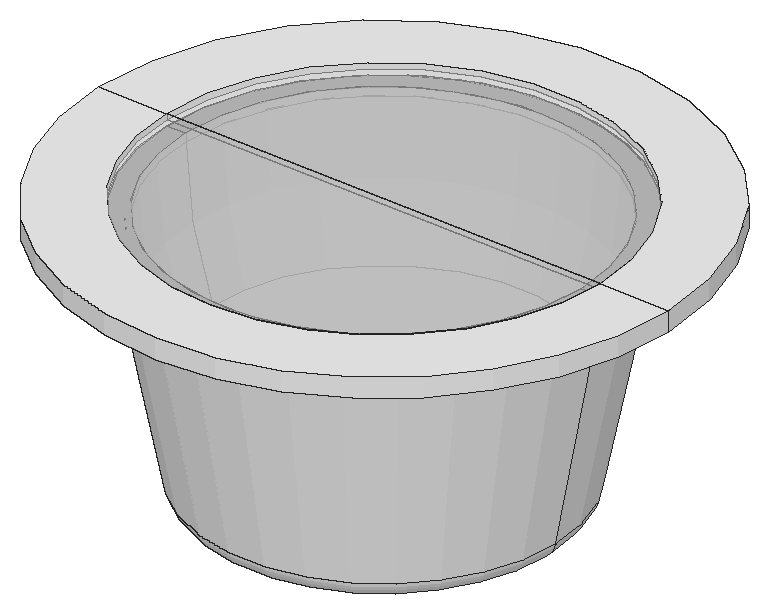
Revit family "2060547+2039013 Sylvania Lighting Fixture ASCENT 100 II ARCH 1000 4K DALI 160 with IP54 PC Cover", category Lighting Fixtures, host Face, Revit 2016
Family settings
  Host = Face
  Part Type = Normal
  Round Connector Dimension = Use Diameter
  OmniClass Number = 23.80.70.11.17
  OmniClass Title = Specialized Lighting by Location or Use
  Cut with Voids When Loaded = No
  Light Source = Yes
  Shared = No
  Room Calculation Point = No
Parameters (values of type "2060547+2039013 ASCT100 II ARCH 1000 4K DALI 160 with IP54 PC Cover")
  WidthBezelAcc_SYL = 25.0 mm
  Weight = "1.2 kg"
  Wattage = 7 W
  WarrantyStartDate [instance] = "n/a"
  WarrantyGuarantorParts = "n/a"
  WarrantyDurationUnit = "n/a"
  WarrantyDurationParts = "n/a"
  WarrantyDescription = "n/a"
  built-in parameter 1150110 = 1 (stored number, unit not read)
  Voltage = 0 V
  VisibilityAccessory_SYL = yes
  TypeName = "ASCENT 100 II ARCH 1000 4K DALI 160 with IP54 PC Cover"
  built-in parameter 1114217 = 1 (stored number, unit not read)
  Tilt Angle = -90°
  built-in parameter 1150109 = 1 (stored number, unit not read)
  built-in parameter 1150134 = 12
  built-in parameter 1150113 = 1 (stored number, unit not read)
  SerialNumber [instance] = "n/a"
  ReflectorRadius_SYL = Radius_SYL - 14.5 mm  # 80.0 mm
  RadiusAcc_SYL = 105.0 mm
  Radius_SYL = 94.5 mm
  URL = "http://www.sylvania-lighting.com"
  PowerFactor = 0
  PowerConsumption = "7 W"
  Photometric Web File = "2060547.ies"
  NominalWidth = 0.0 mm
  NominalLength = 0.0 mm
  NominalHeight = 94.0 mm
  Name = "ASCENT 100 II ARCH 1000 4K DALI 160 with IP54 PC Cover"
  ModelReference = "ASCENT 100 II ARCH 1000 4K DALI 160 with IP54 PC Cover"
  ModelNumber = "2060547+2039013"
  Material_4_SYL = none
  Material_3_SYL = Polycarbonate_Sylvania_Ascent_Clear
  Material_2_SYL = Aluminium_Sylvania_Ascent_Silver
  Material_1_SYL = Aluminum_Sylvania_Ascent_White
  Material = "aluminium housing, arcylic diffuser"
  ManufacturerName = "Feilo Sylvania"
  LuminousEfficacy = "144 lm/W"
  built-in parameter 1150105 = 80.214 (stored number, unit not read)
  Lumens = 1008 lm
  LuminaireType = ""
  built-in parameter 1150115 = 1 (stored number, unit not read)
  LightOutputRatio = "100"
  built-in parameter 1150137 = (empty or 0)
  built-in parameter 1150139 = (empty or 0)
  LampsType = Lamp  # "LED"
  LampNominalLuminous = "1009 lm"
  LampMacAdamStep = "3"
  LampColourTemperature = "4000 K"
  LampColourRenderingIndex = "80"
  built-in parameter 1150112 = 1 (stored number, unit not read)
  built-in parameter 1150114 = 1 (stored number, unit not read)
  Keynote = "16500"
  InstallationDate [instance] = "n/a"
  InputVoltage = "n/a"
  InputNominalFrequency = "n/a"
  built-in parameter 1150132 = (empty or 0)
  built-in parameter 1150102 = (empty or 0)
  built-in parameter 1150107 = 4000 (stored number, unit not read)
  built-in parameter 1150138 = (empty or 0)
  IngressProtection = "IP54"
  ImpactProtectionIndex = "IK02"
  built-in parameter 1150106 = 0.80214 (stored number, unit not read)
  IfcExportType = "IfcLightFixtureType"
  IfcExportAs = "IfcLightFixtureType"
  Height_SYL = 94.0 mm
  HeightAcc_SYL = 7.0 mm
  ExpectedLife = 50000
  EmittionSurface_SYL = if(VisibilityAccessory_SYL, 7.0 mm, 3.0 mm)  # 7.0 mm
  Emit from Circle Diameter = DiffuserRadius_SYL * 2  # 146.0 mm
  Emit Shape Visible in Rendering = no
  ElectricShockClassification = "Class II"
  built-in parameter 1150104 = 13.378 (stored number, unit not read)
  DurationUnit = "hours"
  DocumentationLiterature = "http://www.sylvania-lighting.com/product/en-int/products/2060547"
  DimmingControlOptions = "n/a"
  Dimming Lamp Color Temperature Shift = <None>
  DiffuserRadius_SYL = ReflectorRadius_SYL - 7.0 mm  # 73.0 mm
  Diameter_SYL = 2 * Radius_SYL  # 189.0 mm
  CutoutDiameter_SYL = Diameter_SYL - 13.0 mm  # 176.0 mm
  CreatedOn = "9/17/2018"
  CreatedBy = "@sylvania-lighting.com"
  Color Filter = 16777215
  built-in parameter 1114216 [instance] = 1 (stored number, unit not read)
  Model = "ASCENT 100 II ARCH 1000 4K DALI 160 with IP54 PC Cover"
  Manufacturer = "Feilo Sylvania"
  Lamp = "LED"
  Description = "Direct LED retro fit for original LED 100 Arch (160) single CFL lamp offering Matching lumen levels and improved light distribution of original LED 100 CFL lamp equivalents Typically half the power consumption compared to CFL Up to 112lm/W 160mm aperture Architectural reflector accepts range of glass accessories from existing LED 100 Arch 160 offering HE, HO and VHO versions equivalent of single 1 x 18W, 1 x 32W, 1 x 42W\r\n Additional VVHO versions which offer the performance circa 2 x 32W equivalent"  # constant formula
  Default Elevation = 0.0 mm
  built-in parameter 1140040 [instance] = 1
  BarCode [instance] = "n/a"
  built-in parameter 1114218 = 1 (stored number, unit not read)
  built-in parameter 1150133 = 10 (stored number, unit not read)
  AssetType = "Fixed"
  AssetIdentifier [instance] = "n/a"
  Assembly Code = "D5020200"
  Apparent Load = 7 VA
  Aperture_SYL = 2 * ReflectorRadius_SYL  # 160.0 mm
Reference planes
  plane 1 "Center (Front/Back)": y = 0
  plane 2: z = 0
  plane 3 "Center (Left/Right)": x = 0
  plane 4 "Fixture Bottom": z = 3
  plane 5: z = -52.5
  plane 6 "Fixture Top": z = -91
  plane 7: x = -105
  plane 8: z = 7
  plane 9: x = -80
  plane 10: z = 5
  plane 11: x = -103
Forms (mm)
  Extrusion 1, solid, material "Aluminum_Sylvania_Ascent_White", detail levels fine
    sketch origin (0, 0, 0) x (1, 0, 0) y (0, 1, 0)
      loop
        circle (0, 0) r 94.5
      loop
        circle (0, 0) r 80
    from 0 to 3
  Extrusion 2, void
    sketch origin (0, 0, 0) x (1, 0, 0) y (0, 1, 0)
      loop
        circle (0, 0) r 88
    from -91 to 3
  Revolve 3, solid, material "Aluminum_Sylvania_Ascent_White" <- "Material_1_SYL", detail levels fine
    sketch origin (0, 0, 0) x (1, 0, 0) y (0, 0, 1)
      loop
        line (0, -91.073) -> (0, -89.023) -> (-55.468, -89.014)
        arc (-55.468, -89.014) -> (-59.352, -87.613) -> (-61.54, -84.139) r 6.307
        line (-61.54, -84.139) -> (-77.991, -2.844) -> (-77.991, 0) -> (-80, 0) -> (-80, -3) -> (-63.5, -84.536)
        arc (-63.5, -84.536) -> (-60.643, -89.203) -> (-55.5, -91.073) r 8.291
        line (-55.5, -91.073) -> (0, -91.073)
      axis (0, 0) -> (0, -91.073)
    angle from 0 to 360
  Revolve 4, solid, material "Aluminium_Sylvania_Ascent_Silver" <- "Material_2_SYL", detail levels fine
    sketch origin (0, 0, 0) x (1, 0, 0) y (0, 0, 1)
      loop
        line (-80, 3) -> (-80, 0) -> (-75, 0)
        arc (-75, 0) -> (-72.349, -26.77) -> (-64.5, -52.5) r 136.5
        line (-64.5, -52.5) -> (-58, -52.5)
        arc (-58, -52.5) -> (-56.857, -61.521) -> (-53.5, -69.971) r 36.166
        line (-53.5, -69.971) -> (0, -69.971) -> (0, -50.5) -> (-63.16, -50.5)
        arc (-63.16, -50.5) -> (-70.517, -25.725) -> (-73, 0) r 134.5
        line (-73, 0) -> (-73, 3) -> (-80, 3)
      axis (0, 3) -> (0, -69.971)
    angle from 0 to 360
  Extrusion 5, solid, material "Polycarbonate_Sylvania_Ascent_Clear" <- "Material_3_SYL", detail levels fine
    sketch origin (0, 0, 0) x (1, 0, 0) y (0, 1, 0)
      loop
        circle (0, 0) r 73
    from 0 to 3
  Revolve 6, solid, material "Aluminum_Sylvania_Ascent_White" <- "Material_1_SYL", detail levels coarse+medium
    sketch origin (0, 0, 0) x (1, 0, 0) y (0, 0, 1)
      loop
        line (0, -91.073) -> (0, 3) -> (-94.5, 3) -> (-94.5, 0) -> (-79.5, 0) -> (-79.5, -3) -> (-63, -84.536)
        arc (-63, -84.536) -> (-60.143, -89.203) -> (-55, -91.073) r 8.291
        line (-55, -91.073) -> (0, -91.073)
      axis (0, 3) -> (0, -91.073)
    angle from 0 to 360
  Revolve 7, solid, material "Aluminum_Sylvania_Ascent_White" <- "Material_1_SYL", visible <- "VisibilityAccessory_SYL"
    sketch origin (0, 0, 0) x (1, 0, 0) y (0, 0, 1)
      loop
        line (-105, 0) -> (-103, 0) -> (-103, 5) -> (-80, 5) -> (-80, 7) -> (-105, 7) -> (-105, 0)
      axis (0, 7) -> (0, 0)
    angle from 0 to 360
  Revolve 8, solid, material "Polycarbonate_Sylvania_Ascent_Clear" <- "Material_3_SYL", visible <- "VisibilityAccessory_SYL"
    sketch origin (0, 0, 0) x (1, 0, 0) y (0, 0, 1)
      loop
        line (-80, 7) -> (-80, 5) -> (0, 5) -> (0, 7) -> (-80, 7)
      axis (0, 7) -> (0, 5)
    angle from 0 to 360
Lines and regions (mm)
  reference lines
    curve 1: line (-150, 0, 7) -> (125, 0, 7)
Dimensions and locks
  locked: plane 4 "Fixture Bottom" to plane 2 at 3
  "Height_SYL": plane 4 "Fixture Bottom" to plane 6 "Fixture Top"
  "ReflectorRadius_SYL": plane 3 "Center (Left/Right)" to Revolve 4 sketch curve
  locked: Revolve 4 sketch curve to Revolve 4 sketch curve at 15.5
  locked: Revolve 4 sketch curve to Revolve 4 sketch curve at 5
  locked: Revolve 4 sketch curve to Revolve 4 sketch curve at 7
  locked: Revolve 4 sketch curve to Revolve 4 sketch curve at 22
  locked: Revolve 4 sketch curve to Revolve 4 sketch curve at 26.5
  locked: Revolve 3 sketch curve to Revolve 3 sketch curve at 16.5
  locked: Revolve 3 sketch curve to Revolve 3 sketch curve at 24.5
  "ReflectorRadius_SYL": Revolve 3 sketch curve to plane 3 "Center (Left/Right)"
  locked: Revolve 3 sketch curve to plane 6 "Fixture Top" at 6.464
  locked: plane 2 to Revolve 3 sketch curve at 3
  locked: Revolve 3 sketch curve to Revolve 3 sketch curve at 2
  locked: Revolve 3 sketch curve to Revolve 3 sketch curve at 2.009
  locked: plane 2 to plane 5 at 52.5
  locked: Revolve 6 sketch curve to Revolve 6 sketch curve at 31.5
  locked: Revolve 6 sketch curve to Revolve 6 sketch curve at 39.5
  locked: Revolve 6 sketch curve to Revolve 6 sketch curve at 15
  "Radius_SYL": plane 3 "Center (Left/Right)" to Revolve 6 sketch curve
  "RadiusAcc_SYL": plane 3 "Center (Left/Right)" to plane 7
  "HeightAcc_SYL": plane 8 to level
  "WidthBezelAcc_SYL": plane 7 to plane 9
  locked: plane 7 to plane 11 at 2
  locked: plane 8 to plane 10 at 2
  "EmittionSurface_SYL": curve 1 to level
  "CutoutDiameter_SYL": diameter of Extrusion 2 sketch curve
  "ReflectorRadius_SYL": radius of Extrusion 1 sketch curve
  "DiffuserRadius_SYL": radius of Extrusion 5 sketch curve
  "Radius_SYL": radius of Extrusion 1 sketch curve
  aligned and locked: host face to plane 2
  aligned and locked: host face to level
  aligned and locked: plane 4 "Fixture Bottom" to Extrusion 1
  aligned and locked: Extrusion 1 to plane 2
  aligned and locked: Revolve 3 sketch curve to plane 3 "Center (Left/Right)"
  aligned and locked: Revolve 4 sketch curve to plane 3 "Center (Left/Right)"  (x2)
  aligned and locked: plane 4 "Fixture Bottom" to Revolve 4 sketch curve
  aligned and locked: Extrusion 5 to plane 2
  aligned and locked: plane 2 to Revolve 3 sketch curve  (x2)
  aligned and locked: Revolve 6 sketch curve to plane 3 "Center (Left/Right)"
  aligned and locked: plane 6 "Fixture Top" to Extrusion 2
  aligned and locked: Revolve 7 sketch curve to plane 3 "Center (Left/Right)"
  aligned and locked: host face to Revolve 7 sketch curve  (x2)
  aligned and locked: Revolve 7 sketch curve to plane 7
  aligned and locked: plane 8 to Revolve 7 sketch curve
  aligned and locked: plane 9 to Revolve 7 sketch curve
  aligned and locked: Revolve 7 sketch curve to plane 10
  aligned and locked: plane 11 to Revolve 7 sketch curve
  aligned and locked: Revolve 7 to Revolve 8 sketch curve
  aligned and locked: Revolve 8 sketch curve to Revolve 7  (x2)
  aligned and locked: Revolve 8 sketch curve to plane 3 "Center (Left/Right)"  (x2)
  aligned and locked: plane 3 "Center (Left/Right)" to imposter light
  aligned and locked: imposter light to plane 1 "Center (Front/Back)"
  aligned and locked: imposter light to curve 1
Automatic sketch dimensions
  plane 1 "Center (Front/Back)" to Extrusion 2 sketch curve = 0.0 mm
  Extrusion 2 sketch curve to plane 3 "Center (Left/Right)" = 0.0 mm
  Extrusion 1 sketch curve to Extrusion 1 sketch curve = 0.0 mm  (x2)
  plane 1 "Center (Front/Back)" to Extrusion 1 sketch curve = 0.0 mm
  Extrusion 1 sketch curve to plane 3 "Center (Left/Right)" = 0.0 mm
  plane 6 "Fixture Top" to Revolve 3 sketch curve = 0.073 mm
  Revolve 3 sketch curve to plane 6 "Fixture Top" = 6.861 mm
  Revolve 3 sketch curve to Revolve 3 sketch curve = 0.003 mm
  Revolve 3 sketch curve to Revolve 3 sketch curve = 0.009 mm  (x2)
  Revolve 3 sketch curve to Revolve 3 sketch curve = 0.023 mm
  Revolve 3 sketch curve to Revolve 3 sketch curve = 0.072 mm
  Revolve 3 sketch curve to Revolve 3 sketch curve = 0.008 mm
  Revolve 3 sketch curve to plane 6 "Fixture Top" = 1.977 mm
  Revolve 3 sketch curve to Revolve 3 sketch curve = 33.496 mm
  Revolve 3 sketch curve to Revolve 3 sketch curve = 0.028 mm
  plane 4 "Fixture Bottom" to Revolve 3 sketch curve = 82.431 mm
  Revolve 4 sketch curve to Revolve 4 sketch curve = 0.0 mm  (x2)
  Revolve 4 sketch curve to plane 5 = 0.0 mm
  Revolve 4 sketch curve to level = 0.0 mm
  plane 5 to Revolve 4 sketch curve = 2.0 mm
  plane 4 "Fixture Bottom" to Revolve 4 sketch curve = 9.642 mm
  plane 1 "Center (Front/Back)" to Extrusion 5 sketch curve = 0.0 mm
  Extrusion 5 sketch curve to plane 3 "Center (Left/Right)" = 0.0 mm
  Revolve 4 sketch curve to level = 69.971 mm
  Revolve 4 sketch curve to Revolve 4 sketch curve = 2.387 mm
  Revolve 6 sketch curve to level = 0.0 mm
  Revolve 6 sketch curve to plane 3 "Center (Left/Right)" = 0.0 mm
  Revolve 6 sketch curve to Revolve 6 sketch curve = 8.104 mm
  Revolve 6 sketch curve to level = 3.0 mm
  Revolve 6 sketch curve to plane 6 "Fixture Top" = 6.464 mm
  plane 6 "Fixture Top" to Revolve 6 sketch curve = 0.073 mm
  Revolve 6 sketch curve to Revolve 6 sketch curve = 33.496 mm
  plane 4 "Fixture Bottom" to Revolve 6 sketch curve = 82.431 mm
  host sketch curve to host sketch curve = 1704.996 mm
  host sketch curve to host sketch curve = 1500.0 mm
  plane 6 "Fixture Top" to Revolve 7 sketch curve = 281.274 mm
  Revolve 7 sketch curve to plane 8 = 1140.706 mm
  plane 6 "Fixture Top" to Revolve 8 sketch curve = 281.274 mm
  Revolve 8 sketch curve to Revolve 8 sketch curve = 1140.706 mm
  Revolve 3 sketch curve to plane 3 "Center (Left/Right)" = 0.0 mm
  Revolve 6 sketch curve to plane 4 "Fixture Bottom" = 0.0 mm
  plane 7 to curve 1 = 45.0 mm
  plane 3 "Center (Left/Right)" to curve 1 = 125.0 mm
Connectors
  electrical at (0, 0, -91.073), driven by "Apparent Load"
    settings: on Revolve 3, index 1, voltage 240 V, apparent load 0 VA, apparent load phase1 7 VA, apparent load phase2 0 VA, apparent load phase3 0 VA, power factor 1, load classification "Lighting", number of poles 1, system type 31, power factor state 1, is connector primary yes, connector utility no, sub classification motor no, connector description ""
